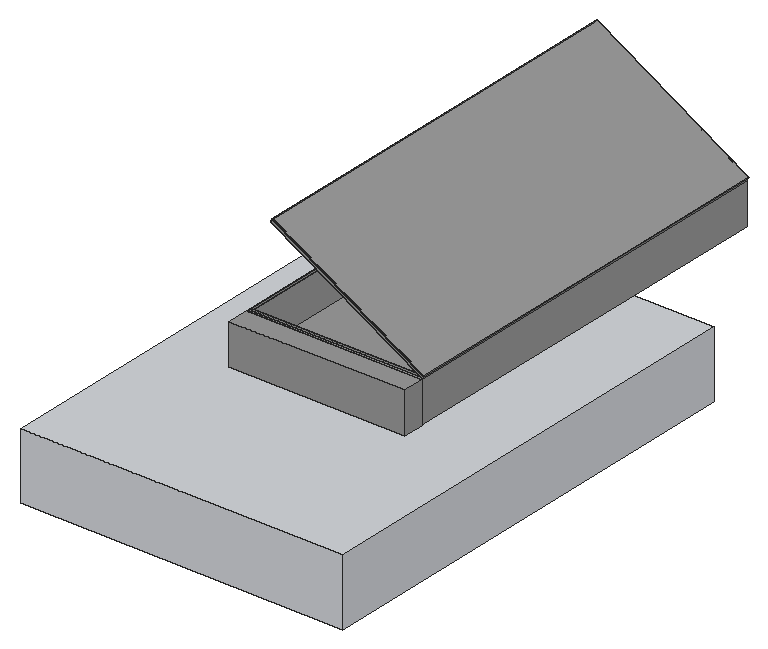
Revit family "Hager-Univers-IP44-D205-H1950-Cl.II-Encl-NL-en", category Equipement électrique, Revit 2020
Family settings
  Hôte = Face
  Configuration du panneau = Deux colonnes, circuits au sein
  Cote de connecteur circulaire = Utiliser le diamètre
  Type d'élément = Tableau de raccordement
  Couper avec des vides une fois chargée = Non
  Partagée = Non
  Point de calcul de pièce = Non
Parameters (values of type "Floor installation IP44 W800 H1950 D205  - FP23SN2")
  Width Control [instance] = if([EF000008 - Width] > Min Width, [EF000008 - Width], Min Width)  # 800 mm
  Commentaires du type = [HG000003 - Range]  # "Univers"
  Thickness Door [instance] = if([EF009171 - Material plate thickness door/cover] > 3 mm, 3 mm, [EF009171 - Material plate thickness door/cover])  # 1 mm
  Seal Frame Offset [instance] = 17 mm  # constant formula
  Plinth Visibility [instance] = [HG000027 - Plinth height] > 0 mm  # yes
  Model = ""
  Min Width [instance] = 100 mm  # constant formula
  Min Height [instance] = 100 mm  # constant formula
  Min Depth [instance] = (2 * [EF009170 - Material plate thickness cabinet]) + 1 mm  # 3 mm
  Internal Frame Depth [instance] = (Door System Depth * 0.5)  # 9 mm
  Height Control [instance] = if([EF000040 - Height] > Min Height, [EF000040 - Height], Min Height)  # 1950 mm
  HG000027 - Plinth height = 100 mm
  HG000026 - Floor standing = yes
  HG000024 - Bottom section height = 800 mm
  HG000023 - Double section enclosure = no
  HG000016 - Door 3d visibility [instance] = yes
  HG000015 - Clearance visibility [instance] = no
  HG000014 - Door on the right [instance] = yes
  HG000013 - Door on the left [instance] = not([HG000014 - Door on the right])  # no
  HG000012 - Door swing angle [instance] = 30.00°
  HG000010 - Asymmetric doors = no
  HG000009 - Double swing door = no
  HG000006 - Flush mounted = no
  HG000004 - Manufacturer reference = "FP23SN2"
  HG000003 - Range = "Univers"
  HG000002 - With door or cover = yes
  Frame Offset Bottom [instance] = 10 mm  # constant formula
  Frame Offset [instance] = 15 mm  # constant formula
  EF015940 - Cover with overpressure release = no
  EF011959 - Degree of protection (NEMA) = ""
  EF009554 - Number of openings for flange plates = 6
  EF009212 - Cover model = "EV000116 - Closed"
  EF009171 - Material plate thickness door/cover = 1 mm
  EF009170 - Material plate thickness cabinet = 1 mm
  Fabricant = "Hager"  # constant formula
  EF008873 - Nominal current (In) = 400 A
  EF007800 - Suitable for lightning protection = no
  EF006306 - With lock = no
  EF006244 - Transparent cover/door = no
  EF005474 - Degree of protection (IP) = "EV006418 - IP44"
  EF004464 - Type of door = "EV002646 - Single"
  EF004427 - Number of modules = 432
  EF004293 - Impact strength = "EV006815 - IK09"
  EF003532 - Suitable for outdoor use = no
  EF002950 - Width in number of modular spacings = 36
  EF001613 - Circuit integrity = "EV000494 - None"
  EF001596 - Material housing = "EV000179 - Steel"
  EF001131 - Internal depth = 143 mm
  EF001088 - Extension possible = yes
  EF000437 - Number of conduit inlets = 6
  EF000339 - Type of cover = "EV001012 - Cover"
  EF000266 - Number of rows = 12
  EF000218 - Built-in depth = 0 mm
  EF000118 - With mounting plate = no
  EF000116 - RAL-number = "9010"
  EF000049 - Depth = 205 mm
  EF000040 - Height = 1950 mm
  EF000008 - Width = 800 mm
  EF000007 - Colour = "EV000202 - White"
  EF000003 - Mounting method = "EV012274 - Floor installation"
  Door System Leaf Tolerance [instance] = 1.5 mm  # constant formula
  Door System Depth [instance] = 18 mm  # constant formula
  Door Height [instance] = Height Control - [HG000027 - Plinth height]  # 1850 mm
  Depth Control [instance] = if([EF000049 - Depth] > Min Depth, [EF000049 - Depth], Min Depth)  # 205 mm
  Default Elevation = 0 mm
  Connector Offset [instance] = Height Control / 2  # 975 mm
  Bottom Top Plate Trim [instance] = 1.5 mm  # constant formula
  Plinth height Ctrl [instance] = if([HG000027 - Plinth height] > 0 mm, [HG000027 - Plinth height], 12 mm)  # 100 mm
Types (5, lengths in mm): name | Width Control | HG000010 - Asymmetric doors | HG000009 - Double swing door | HG000004 - Manufacturer reference | EF009554 - Number of openings for flange plates | EF008873 - Nominal current (In) | EF004464 - Type of door | EF004427 - Number of modules | EF002950 - Width in number of modular spacings | EF000437 - Number of conduit inlets | EF000008 - Width
  Floor installation IP44 W1050 H1950 D205  - FP24SN2 | 1050 | no | yes | "FP24SN2" | 8 | 400 A | "EV003602 - Double" | 576 | 48 | 8 | 1050
  Floor installation IP44 W1300 H1950 D205  - FP25SN2 | 1300 | yes | yes | "FP25SN2" | 10 | 400 A | "EV003602 - Double" | 720 | 60 | 10 | 1300
  Floor installation IP44 W300 H1950 D205  - FP21SN2 | 300 | no | no | "FP21SN2" | 2 | 250 A | "EV002646 - Single" | 144 | 12 | 2 | 300
  Floor installation IP44 W550 H1950 D205  - FP22SN2 | 550 | no | no | "FP22SN2" | 4 | 400 A | "EV002646 - Single" | 288 | 24 | 4 | 550
  Floor installation IP44 W800 H1950 D205  - FP23SN2 | 800 | no | no | "FP23SN2" | 6 | 400 A | "EV002646 - Single" | 432 | 36 | 6 | 800
Reference planes
  plane 1 "Center (Front/Back)": y = 0
  plane 2: z = 0
  plane 3 "Center (Left/Right)": x = 0
  plane 4: z = 205
  plane 5: y = 101
  plane 6: y = 1025
  plane 7: y = 100
  plane 8: y = 1950
  plane 9: z = 0
  plane 10: x = -385
  plane 11: x = 385
  plane 12: x = 384
  plane 13: x = -384
  plane 14: y = 1949
  plane 15: x = -383
  plane 16: x = -400
  plane 17: x = 383
  plane 18: x = 400
  plane 19: x = 399
  plane 20: x = -399
  plane 21: y = 111
  plane 22: y = 1950
  plane 23: y = 1934
  plane 24: z = 187
  plane 25: z = 1
  plane 26: z = 186
  plane 27: z = 204
Forms (mm)
  Extrusion 1, solid
    sketch origin (0, 0, 0) x (1, 0, 0) y (0, 1, 0)
      loop
        line (-702.964, 1305) -> (-702.964, -811.445) -> (766.763, -811.445) -> (766.763, 1305) -> (-702.964, 1305)
    from 0 to -304.8
  Extrusion 2, solid, material "Hager_Steel_RAL7035_Light_Grey", visible <- "Plinth Visibility", detail levels medium+fine
    sketch origin (0, 0, 0) x (1, 0, 0) y (0, 1, 0)
      loop
        line (-400, 0) -> (400, 0) -> (400, 100) -> (-400, 100) -> (-400, 0)
    from 0 to 187
  Extrusion 3, solid, material "Hager_Steel_RAL7035_Light_Grey", detail levels medium+fine
    sketch origin (0, 0, 0) x (1, 0, 0) y (0, 1, 0)
      loop
        line (-400, 100) -> (400, 100) -> (400, 1950) -> (-400, 1950) -> (-400, 100)
    from 0 to 187
  Extrusion 4, void
    sketch origin (0, 0, 0) x (1, 0, 0) y (0, 1, 0)
      loop
        line (-399, 101) -> (399, 101) -> (399, 1949) -> (-399, 1949) -> (-399, 101)
    from 1 to 186
  Extrusion 5, void
    sketch origin (-381.607, -4572, 187) x (0, -1, 0) y (-1, 0, 0)
      loop
        line (-4683, 2.393) -> (-6506, 2.393) -> (-6506, -765.607) -> (-4683, -765.607) -> (-4683, 2.393)
    from 0 to 1 <- "EF009170 - Material plate thickness cabinet"
  Extrusion 6, solid, material "Hager_Steel_RAL7035_Light_Grey", detail levels fine
    sketch origin (0, 0, 187) x (1, 0, 0) y (0, 1, 0)
      loop
        line (-384, 1934) -> (-384, 111) -> (384, 111) -> (384, 1934) -> (-384, 1934)
      loop
        line (-385, 110) -> (385, 110) -> (385, 1935) -> (-385, 1935) -> (-385, 110)
    from 0 to 9 <- "Internal Frame Depth"
  Extrusion 7, solid, material "Hager_Steel_RAL7035_Light_Grey", detail levels coarse
    sketch origin (0, 0, 0) x (1, 0, 0) y (0, 1, 0)
      loop
        line (-400, 0) -> (400, 0) -> (400, 1950) -> (-400, 1950) -> (-400, 0)
    from 0 to 205
  Sweep 8, void
    path in 3D
      loop
        line (-400, 100, 0) -> (400, 100, 0) -> (400, 100, 187) -> (-400, 100, 187) -> (-400, 100, 0)
    profile origin (-400, 100, 93.5) x (-1, 0, 0) y (0, -1, 0)
      loop
        line (0, 0) -> (0, 1.5) -> (-1.5, 1.5)
        arc (-1.5, 1.5) -> (-1.061, 0.439) -> (0, 0) r 1.5
Cuts and joins
  Extrusion 4, Extrusion 5 cuts Extrusion 3
  Sweep 8 cuts Extrusion 2
Lines and regions (mm)
  Masking region 1
    outline origin (0, 0, 0) x (1, 0, 0) y (0, 0, 1)
      loop
        line (-400, 205) -> (-400, 0) -> (400, 0) -> (400, 205) -> (-400, 205)
  Masking region 2, detail levels medium+fine
    outline origin (0, 140, 0) x (0, 1, 0) y (0, 0, 1)
      loop
        line (-40, 0) -> (1810, 0) -> (1810, 187) -> (-40, 187) -> (-40, 0)
  Masking region 3, not visible, detail levels medium+fine
    outline origin (0, 297.922, 0) x (0, 1, 0) y (0, 0, 1)
      loop
        line (738.578, 0) -> (778.578, 0) -> (778.578, 194)
        arc (778.578, 194) -> (775.649, 201.071) -> (768.578, 204) r 10
        line (768.578, 204) -> (738.578, 204) -> (738.578, 0)
  Masking region 4, detail levels coarse
    outline origin (0, 0, 180) x (0, 1, 0) y (0, 0, 1)
      loop
        line (0, -180) -> (1950, -180) -> (1950, 25) -> (0, 25) -> (0, -180)
  Masking region 5, visible <- "Plinth Visibility", detail levels medium+fine
    outline origin (0, 52.24, 12.345) x (0, 0, -1) y (0, 1, 0)
      loop
        line (10.845, 47.76) -> (-173.155, 47.76)
        arc (-173.155, 47.76) -> (-173.594, 46.699) -> (-174.655, 46.26) r 1.5
        line (-174.655, 46.26) -> (-174.655, -52.24) -> (12.345, -52.24) -> (12.345, 46.26)
        arc (12.345, 46.26) -> (11.285, 46.699) -> (10.845, 47.76) r 1.5
  Masking region 6, detail levels medium+fine
    outline origin (-381.607, -4572, 187) x (-1, 0, 0) y (0, -1, 0)
      loop
        line (18.393, -6522) -> (18.393, -4672) -> (-781.607, -4672) -> (-781.607, -6522) -> (18.393, -6522)
  Masking region 7, visible <- "Plinth Visibility", detail levels medium+fine
    outline origin (-381.607, -4727, 187) x (-1, 0, 0) y (0, -1, 0)
      loop
        arc (16.893, -4827) -> (17.332, -4825.939) -> (18.393, -4825.5) r 1.5
        line (18.393, -4825.5) -> (18.393, -4727) -> (-781.607, -4727) -> (-781.607, -4825.5)
        arc (-781.607, -4825.5) -> (-780.546, -4825.939) -> (-780.107, -4827) r 1.5
        line (-780.107, -4827) -> (16.893, -4827)
  Masking region 8, detail levels coarse
    outline origin (-442.548, -4669.526, 187) x (-1, 0, 0) y (0, -1, 0)
      loop
        line (-42.548, -6619.526) -> (-42.548, -4669.526) -> (-842.548, -4669.526) -> (-842.548, -6619.526) -> (-42.548, -6619.526)
  sketch lines
    curve 1: line (-400, 100, 187) -> (-400, 100, 0)
    curve 2: line (400, 100, 187) -> (-400, 100, 187)
    curve 3: line (400, 100, 187) -> (400, 100, 0)
    curve 4: line (-400, 100, 0) -> (400, 100, 0)
Dimensions and locks
  "Depth Control": plane 4 to Extrusion 1
  "HG000027 - Plinth height": plane 1 "Center (Front/Back)" to plane 7
  "EF009170 - Material plate thickness cabinet": plane 5 to plane 7
  locked: connector elem to plane 3 "Center (Left/Right)"
  equal spacing: plane 8, plane 6, plane 7
  locked: connector elem to plane 6
  "EF009170 - Material plate thickness cabinet": plane 8 to plane 14
  "EF009170 - Material plate thickness cabinet": plane 10 to plane 13
  "EF009170 - Material plate thickness cabinet": plane 12 to plane 11
  "Frame Offset": plane 20 to plane 13
  "Frame Offset": plane 12 to plane 19
  "EF009170 - Material plate thickness cabinet": plane 16 to plane 20
  "EF009170 - Material plate thickness cabinet": plane 19 to plane 18
  "Seal Frame Offset": plane 16 to plane 15
  "Seal Frame Offset": plane 17 to plane 18
  "Frame Offset Bottom": plane 21 to plane 5
  "Frame Offset": plane 14 to plane 23
  equal spacing: plane 16, plane 3 "Center (Left/Right)", plane 18
  "Width Control": plane 16 to plane 18
  "EF009170 - Material plate thickness cabinet": plane 4 to plane 27
  "EF009170 - Material plate thickness cabinet": plane 24 to plane 26
  "EF009170 - Material plate thickness cabinet": plane 25 to level
  "Door System Depth": plane 4 to plane 24
  "Height Control": plane 1 "Center (Front/Back)" to Extrusion 7 sketch curve
  "Height Control": Masking region 4 sketch curve to plane 1 "Center (Front/Back)"
  "Height Control": plane 1 "Center (Front/Back)" to plane 22
  "Bottom Top Plate Trim": profile plane to Sweep 8 sketch curve
  "Bottom Top Plate Trim": Sweep 8 sketch curve to profile plane
  "Plinth height Ctrl": plane 1 "Center (Front/Back)" to Extrusion 2 sketch curve
  "Plinth height Ctrl": Masking region 5 sketch curve to plane 1 "Center (Front/Back)"
  "Plinth height Ctrl": plane 1 "Center (Front/Back)" to Masking region 7 sketch curve
  "Thickness Door": Extrusion 6 sketch curve to Extrusion 6 sketch curve  (x3)
  "Thickness Door": cut or joined group of Extrusion 3, Extrusion 4, Extrusion 5 to Extrusion 6 sketch curve
  radius of Masking region 3 sketch curve = 10 mm
  "Bottom Top Plate Trim": radius of Masking region 5 sketch curve  (x2)
  "Bottom Top Plate Trim": radius of Sweep 8 sketch curve
  "Bottom Top Plate Trim": radius of Masking region 7 sketch curve  (x2)
  aligned and locked: plane 2 to Extrusion 1
  aligned and locked: level to Extrusion 1
  aligned and locked: level to Masking region 1 sketch curve
  aligned and locked: Masking region 1 sketch curve to plane 18
  aligned and locked: Masking region 1 sketch curve to plane 16
  aligned and locked: plane 7 to Masking region 2 sketch curve
  aligned and locked: level to Masking region 3 sketch curve
  aligned and locked: Masking region 3 sketch curve to plane 27
  aligned and locked: level to Masking region 2 sketch curve
  aligned and locked: plane 1 "Center (Front/Back)" to Extrusion 2 sketch curve
  aligned and locked: Extrusion 3 sketch curve to plane 7
  aligned and locked: plane 16 to Extrusion 3 sketch curve
  aligned and locked: plane 18 to Extrusion 3 sketch curve
  aligned and locked: plane 20 to Extrusion 4 sketch curve
  aligned and locked: plane 19 to Extrusion 4 sketch curve
  aligned and locked: Extrusion 4 sketch curve to plane 5
  aligned and locked: Extrusion 4 to plane 25
  aligned and locked: plane 26 to Extrusion 4
  aligned and locked: plane 24 to Extrusion 3
  aligned and locked: Extrusion 5 sketch curve to plane 21
  aligned and locked: Extrusion 5 sketch curve to plane 13
  aligned and locked: Extrusion 5 sketch curve to plane 12
  aligned and locked: plane 18 to Extrusion 7 sketch curve
  aligned and locked: plane 1 "Center (Front/Back)" to Extrusion 7 sketch curve
  aligned and locked: plane 16 to Extrusion 7 sketch curve
  aligned and locked: plane 4 to Extrusion 7
  aligned and locked: Extrusion 7 to level
  aligned and locked: level to Masking region 4 sketch curve
  aligned and locked: Masking region 4 sketch curve to plane 1 "Center (Front/Back)"
  aligned and locked: Masking region 4 sketch curve to plane 4
  aligned and locked: nested 1 to level
  aligned and locked: nested 1 to plane 16
  aligned and locked: plane 8 to Extrusion 3 sketch curve
  aligned and locked: plane 23 to Extrusion 5 sketch curve
  aligned and locked: plane 14 to Extrusion 4 sketch curve
  aligned and locked: Masking region 2 sketch curve to plane 8
  aligned and locked: level to Masking region 5 sketch curve
  aligned and locked: plane 16 to Extrusion 2 sketch curve
  aligned and locked: plane 18 to Extrusion 2 sketch curve
  aligned and locked: Masking region 5 sketch curve to plane 24
  aligned and locked: Masking region 2 sketch curve to plane 24
  aligned and locked: plane 24 to Extrusion 2
  aligned and locked: profile plane to Sweep 8 sketch curve  (x2)
  aligned and locked: Masking region 6 sketch curve to plane 18
  aligned and locked: Masking region 6 sketch curve to plane 22
  aligned and locked: Masking region 6 sketch curve to plane 16
  aligned and locked: plane 8 to plane 22
  aligned and locked: Masking region 6 sketch curve to plane 7
  aligned and locked: Masking region 7 sketch curve to plane 16
  aligned and locked: Masking region 7 sketch curve to plane 1 "Center (Front/Back)"
  aligned and locked: Masking region 7 sketch curve to plane 18
  aligned and locked: Masking region 8 sketch curve to plane 1 "Center (Front/Back)"
  aligned and locked: Masking region 8 sketch curve to plane 18
  aligned and locked: Masking region 8 sketch curve to plane 22
  aligned and locked: Masking region 8 sketch curve to plane 16
  aligned and locked: nested 2 to plane 7
  aligned and locked: plane 3 "Center (Left/Right)" to nested 2
  aligned and locked: nested 2 to plane 24
  aligned and locked: Extrusion 6 sketch curve to cut or joined group of Extrusion 3, Extrusion 4, Extrusion 5  (x4)
Automatic sketch dimensions
  Extrusion 1 sketch curve to Extrusion 1 sketch curve = 1469.727 mm
  Extrusion 1 sketch curve to Extrusion 1 sketch curve = 2116.445 mm
  Masking region 1 sketch curve to plane 4 = 0 mm
  plane 6 to Masking region 3 sketch curve = 11.5 mm
  Masking region 3 sketch curve to Masking region 3 sketch curve = 30 mm
  Masking region 5 sketch curve to plane 1 "Center (Front/Back)" = 0 mm
Nested families
  nested 1: "Hager_Enclosure_Symbol" at (-400, 0, 0) x (1, 0, 0) z (0, -1, 0), Height <- "Depth Control", Width <- "Width Control", type "Hager_Enclosure_Symbol"
    with Width_Ctrl 800 mm, Width 800 mm, Height_Ctrl 205 mm, Height 205 mm, A_Width_Int 13.453 mm, A_Width 161.438 mm, A_Height_Ctrl 179.375 mm, A_Height 179.375 mm
  nested 2: "EC000058_Univers_Door" at (0, 100, 187) x (1, 0, 0) z (0, 1, 0), Leaf_Tolerance <- "Door System Leaf Tolerance", Angle <- "HG000012 - Door swing angle", Door_Depth <- "Door System Depth", Door_Left <- "HG000013 - Door on the left", Transparent <- "EF006244 - Transparent cover/door", Assymetrical <- "HG000010 - Asymmetric doors", Width <- "Width Control", Clearance <- "HG000015 - Clearance visibility", Double <- "HG000009 - Double swing door", 3d_Door <- "HG000016 - Door 3d visibility", Lock_Visibility <- "EF006306 - With lock", Width_Ctrl <- "Width Control", Door_Right <- "HG000014 - Door on the right", Door <- "HG000002 - With door or cover", Height <- "Door Height", Thickness <- "Thickness Door", type "EC000058_Univers_Door", detail levels medium+fine
    with min_wh 3 mm, Width_Ctrl 800 mm, Width 800 mm, Transparent no, Thickness 1 mm, Seal_Material Hager_Rubber, Lock_Visibility no, Lock_Material Hager_Plastic_RAL9005_Jet_Black, Leaf_Width 800 mm, Leaf_Tolerance_External_Sides 0 mm, Leaf_Tolerance 1.5 mm, Leaf_Offset 0 mm, Leaf_Height 1847 mm, Leaf_2_Width 800 mm, Leaf_2_Offset 400 mm, Leaf_1_Width 800 mm, Leaf_1_Offset 400 mm, Height_Ctrl 1850 mm, Height 1850 mm, Glass_Material Hager_Glass, Double_Clearance_Ctrl no, Double no, Door_Right_Ctrl yes, Door_Right yes, Door_Material Hager_Steel_RAL7035_Light_Grey, Door_Left_Ctrl no, Door_Left no, Door_Depth 18 mm, Door yes, Clearance_Material Hager_Clearance, Clearance_Depth 800 mm, Clearance_Ctrl no, Clearance no, Assymetrical no, Angle 30.00°, 3d_Door yes
Connectors
  electrical at (0, 1025, 0)
    settings: on plane 9, index 1, voltage 0 V, apparent load 0 VA, apparent load phase1 0 VA, apparent load phase2 0 VA, apparent load phase3 0 VA, power factor 1, load classification "Other", number of poles 1, system type 30, power factor state 1, is connector primary yes, connector utility no, sub classification motor no, connector description ""
Definition of nested family "EC000058_Univers_Door"
  Parameters (values of type "EC000058_Univers_Door")
    min_wh [instance] = (2 * Thickness) + 1 mm  # 11 mm
    Width_Ctrl [instance] = 400 mm
    Width [instance] = 500 mm
    Transparent [instance] = yes
    Thickness [instance] = 5 mm
    Seal_Material [instance] = none
    Lock_Visibility [instance] = yes
    Lock_Material [instance] = none
    Leaf_Width [instance] = if((Width_Ctrl - 2 * Leaf_Tolerance_External_Sides) > 0 mm, (Width_Ctrl - 2 * Leaf_Tolerance_External_Sides), min_wh)  # 400 mm
    Leaf_Tolerance_External_Sides [instance] = 0 mm  # constant formula
    Leaf_Tolerance [instance] = 1.5 mm
    Leaf_Offset [instance] = 0 mm  # constant formula
    Leaf_Height [instance] = if((Height_Ctrl - 2 * Leaf_Tolerance) > 0 mm, (Height_Ctrl - 2 * Leaf_Tolerance), min_wh)  # 497 mm
    Leaf_2_Width [instance] = if(and(and(Double, Assymetrical), Door_Left), (Leaf_Width / 3) - (Leaf_Tolerance / 2), if(and(and(Double, Assymetrical), Door_Right), (Leaf_Width / 3) * 2 - (Leaf_Tolerance / 2), if(and(Double, not(Assymetrical)), (Leaf_Width / 2) - Leaf_Tolerance, Leaf_Width)))  # 400 mm
    Leaf_2_Offset [instance] = if(and(Double, Assymetrical), Leaf_2_Width / 2, if(and(Double, not(Assymetrical)), Leaf_Width / 4, Leaf_Width / 2))  # 200 mm
    Leaf_1_Width [instance] = if(and(and(Double, Assymetrical), Door_Right), (Leaf_Width / 3) - (Leaf_Tolerance / 2), if(and(and(Double, Assymetrical), Door_Left), (Width / 3) * 2 - (Leaf_Tolerance / 2), if(and(Double, not(Assymetrical)), (Leaf_Width / 2) - Leaf_Tolerance, Leaf_Width)))  # 400 mm
    Leaf_1_Offset [instance] = if(and(Double, Assymetrical), Leaf_1_Width / 2, if(and(Double, not(Assymetrical)), Leaf_Width / 4, Leaf_Width / 2))  # 200 mm
    Height_Ctrl [instance] = if(Height > min_wh, Height, min_wh)  # 500 mm
    Height [instance] = 500 mm
    Glass_Material [instance] = none
    Double_Clearance_Ctrl [instance] = and(Double, Clearance)  # no
    Double [instance] = no
    Door_Right_Ctrl [instance] = and(or(Door_Right, Double), Door)  # yes
    Door_Right [instance] = yes
    Door_Material [instance] = none
    Door_Left_Ctrl [instance] = and(or(Door_Left, Double), Door)  # no
    Door_Left [instance] = no
    Door_Depth [instance] = 30 mm
    Door [instance] = yes
    Default Elevation = 1219.2 mm
    Clearance_Material [instance] = none
    Clearance_Depth [instance] = if(Leaf_1_Width > Leaf_2_Width, Leaf_1_Width, Leaf_2_Width)  # 400 mm
    Clearance_Ctrl [instance] = and(not(Double), Clearance)  # yes
    Clearance [instance] = yes
    Assymetrical [instance] = yes
    Angle [instance] = 30.00°
    3d_Door [instance] = yes
  Reference planes
    plane 1 "Center (Front/Back)": y = 0
    plane 2 "Bottom": z = 0
    plane 3 "Center (Left/Right)": x = 0
    plane 4: z = 500
    plane 5: x = -200
    plane 6: x = 200
    plane 7: z = 500
    plane 8: x = -200
    plane 9: z = 0
    plane 10: x = 200
    plane 11: y = 0
    plane 12: z = 1.5
    plane 13: x = -600
    plane 14: y = -400
    plane 15: x = 600
    plane 16: x = 0
    plane 17: x = 0
    plane 18: x = -200
    plane 19: x = 200
    plane 20: z = 498.5
  Forms (mm)
    Extrusion 1, solid, material <- "Clearance_Material", visible <- "Double_Clearance_Ctrl"
      sketch origin (1200, 0, 0) x (1, 0, 0) y (0, 0, -1)
        loop
          line (-1800, -498.5) -> (-600, -498.5) -> (-600, 0) -> (-1800, 0) -> (-1800, -498.5)
      from 0 to -400
  Dimensions and locks
    equal spacing: plane 5, plane 3 "Center (Left/Right)", plane 6
    "Width_Ctrl": plane 5 to plane 6
    "Leaf_Offset": plane 5 to plane 8
    "Leaf_Offset": plane 6 to plane 10
    "Leaf_Offset": plane 9 to level
    "Leaf_Offset": plane 4 to plane 7
    "Height_Ctrl": plane 4 to level
    "Leaf_Tolerance": plane 12 to plane 9
    locked: plane 11 to plane 1 "Center (Front/Back)"
    "Leaf_1_Offset": plane 18 to plane 16
    "Leaf_2_Offset": plane 17 to plane 19
    "Leaf_1_Width": plane 13 to plane 8
    "Leaf_2_Width": plane 10 to plane 15
    "Clearance_Depth": plane 14 to plane 1 "Center (Front/Back)"
    "Leaf_Tolerance_External_Sides": plane 8 to plane 18
    "Leaf_Tolerance_External_Sides": plane 19 to plane 10
    "Leaf_Tolerance": plane 7 to plane 20
    aligned and locked: level to plane 2 "Bottom"
    aligned and locked: nested 1 to plane 16
    aligned and locked: nested 2 to plane 17
    aligned and locked: Extrusion 1 to plane 13
    aligned and locked: plane 15 to Extrusion 1
    aligned and locked: Extrusion 1 to plane 14
    aligned and locked: plane 12 to nested 1
    aligned and locked: nested 2 to plane 12
    aligned and locked: Extrusion 1 to plane 11
    aligned and locked: plane 20 to Extrusion 1
    aligned and locked: nested 2 to plane 11
    aligned and locked: nested 1 to plane 11
  Automatic sketch dimensions
    Extrusion 1 sketch curve to level = 0 mm
    plane 5 to Extrusion 1 sketch curve = 400 mm
    plane 6 to Extrusion 1 sketch curve = 400 mm
    Extrusion 1 sketch curve to plane 4 = 1.5 mm
  Nested families
    nested 1: "EC000058_Univers_Door_Leaf" at (0, 0, 1.5), Width <- "Leaf_1_Width", visible <- "Door_Left_Ctrl", Leaf_Height <- "Leaf_Height", Angle <- "Angle", 3d_Door <- "3d_Door", Transparent <- "Transparent", Clearance Material <- "Clearance_Material", Clearance <- "Clearance_Ctrl", Door_Material <- "Door_Material", Glass_Material <- "Glass_Material", Door_Depth <- "Door_Depth", Lock_Material <- "Lock_Material", Seal_Material <- "Seal_Material", Lock_Visibility <- "Lock_Visibility", Thickness <- "Thickness", type "EC000058_Univers_Door_Leaf"
      with Width 400 mm, Transparent_Glass_Offset 30 mm, Transparent_Ctrl yes, Transparent yes, Thickness 5 mm, Standard no, Seal_Material none, Seal_D2 8 mm, Seal_D1 1 mm, Offset_Internal_Frame 10 mm, Lock_Width 20 mm, Lock_Visibility_3d yes, Lock_Visibility yes, Lock_Thickness_3 3 mm, Lock_Thickness_2 1 mm, Lock_Thickness_1 3 mm, Lock_Radius_Offset_2 16 mm, Lock_Radius_Offset_1 15 mm, Lock_Radius_2 5 mm, Lock_Radius 6 mm, Lock_Offset 5 mm, Lock_Material none, Lock_Height 80 mm, Lock_Cover_Top_Offset_2d 17 mm, Lock_Cover_Height -65 mm, Leaf_Height 497 mm, Internal_Seal_Thickness 8 mm, Internal_Seal_Depth_2 4.5 mm, Internal_Frame_Depth 25 mm, Glass_Thickness -1 mm, Glass_Offset -2 mm, Glass_Material none, Door_Material none, Door_Depth 30 mm, Clearance Material none, Clearance yes, Angle_Ctrl 30.00°, Angle 30.00°, 3d_Door yes
    nested 2: "EC000058_Univers_Door_Leaf" at (0, 0, 1.5) x (-1, 0, 0) z (0, 0, 1), Width <- "Leaf_2_Width", visible <- "Door_Right_Ctrl", Leaf_Height <- "Leaf_Height", Angle <- "Angle", 3d_Door <- "3d_Door", Transparent <- "Transparent", Clearance Material <- "Clearance_Material", Clearance <- "Clearance_Ctrl", Door_Material <- "Door_Material", Glass_Material <- "Glass_Material", Door_Depth <- "Door_Depth", Lock_Material <- "Lock_Material", Seal_Material <- "Seal_Material", Lock_Visibility <- "Lock_Visibility", Thickness <- "Thickness", type "EC000058_Univers_Door_Leaf"
      with Width 400 mm, Transparent_Glass_Offset 30 mm, Transparent_Ctrl yes, Transparent yes, Thickness 5 mm, Standard no, Seal_Material none, Seal_D2 8 mm, Seal_D1 1 mm, Offset_Internal_Frame 10 mm, Lock_Width 20 mm, Lock_Visibility_3d yes, Lock_Visibility yes, Lock_Thickness_3 3 mm, Lock_Thickness_2 1 mm, Lock_Thickness_1 3 mm, Lock_Radius_Offset_2 16 mm, Lock_Radius_Offset_1 15 mm, Lock_Radius_2 5 mm, Lock_Radius 6 mm, Lock_Offset 5 mm, Lock_Material none, Lock_Height 80 mm, Lock_Cover_Top_Offset_2d 17 mm, Lock_Cover_Height -65 mm, Leaf_Height 497 mm, Internal_Seal_Thickness 8 mm, Internal_Seal_Depth_2 4.5 mm, Internal_Frame_Depth 25 mm, Glass_Thickness -1 mm, Glass_Offset -2 mm, Glass_Material none, Door_Material none, Door_Depth 30 mm, Clearance Material none, Clearance yes, Angle_Ctrl 30.00°, Angle 30.00°, 3d_Door yes
  Definition of nested family "EC000058_Univers_Door_Leaf"
    Parameters (values of type "EC000058_Univers_Door_Leaf")
      Width [instance] = 2000 mm
      Transparent_Glass_Offset [instance] = 30 mm
      Transparent_Ctrl [instance] = and(Transparent, [3d_Door])  # yes
      Transparent [instance] = yes
      Thickness [instance] = 5 mm
      Standard [instance] = and(not(Transparent), [3d_Door])  # no
      Seal_Material [instance] = none
      Seal_D2 [instance] = 8 mm  # constant formula
      Seal_D1 [instance] = 1 mm  # constant formula
      Offset_Internal_Frame [instance] = 10 mm  # constant formula
      Lock_Width [instance] = 20 mm  # constant formula
      Lock_Visibility_3d [instance] = and(Lock_Visibility, [3d_Door])  # yes
      Lock_Visibility [instance] = yes
      Lock_Thickness_3 [instance] = 3 mm  # constant formula
      Lock_Thickness_2 [instance] = 1 mm  # constant formula
      Lock_Thickness_1 [instance] = 3 mm  # constant formula
      Lock_Radius_Offset_2 [instance] = Lock_Radius_Offset_1 + 1 mm  # 16 mm
      Lock_Radius_Offset_1 [instance] = 15 mm  # constant formula
      Lock_Radius_2 [instance] = Lock_Radius - 1 mm  # 5 mm
      Lock_Radius [instance] = 6 mm  # constant formula
      Lock_Offset [instance] = 5 mm  # constant formula
      Lock_Material [instance] = none
      Lock_Height [instance] = 80 mm  # constant formula
      Lock_Cover_Top_Offset_2d [instance] = Lock_Radius_Offset_2 + 1 mm  # 17 mm
      Lock_Cover_Height [instance] = -(Lock_Height - Lock_Radius_Offset_1)  # -65 mm
      Leaf_Height [instance] = 2720.336 mm
      Internal_Seal_Thickness [instance] = 8 mm  # constant formula
      Internal_Seal_Depth_2 [instance] = 4.5 mm  # constant formula
      Internal_Frame_Depth [instance] = if(Door_Depth - Thickness > 5 mm, Door_Depth - Thickness, 5 mm)  # 25 mm
      Glass_Thickness [instance] = if(Thickness > 15 mm, Glass_Offset + 10 mm, -1 mm)  # -1 mm
      Glass_Offset [instance] = if(Thickness > 15 mm, -(Thickness + 10 mm) / 2, -2 mm)  # -2 mm
      Glass_Material [instance] = none
      Door_Material [instance] = none
      Door_Depth [instance] = 30 mm
      Default Elevation = 0 mm
      Clearance Material [instance] = none
      Clearance [instance] = yes
      Angle_Ctrl [instance] = if(Angle > 180.00°, 180.00°, Angle)  # 90.00°
      Angle [instance] = 90.00°
      3d_Door [instance] = yes
    Reference planes
      plane 1 "Center (Front/Back)": y = 0
      plane 2: z = 0
      plane 3 "Center (Left/Right)": x = 0
      plane 4: y = 2000
      plane 5: x = -1000
      plane 6: x = 1000
      plane 7: x = -3000
      plane 8: z = 2720.336
      plane 9: z = 30
      plane 10: z = 2690.336
      plane 11: x = 970
      plane 12: x = -970
      plane 13: y = -3
      plane 14: z = 107.833
      plane 15: y = -5
      plane 16: y = -223.314
      plane 17: x = -1000
      plane 18: z = 1360.168
      plane 19: y = 30
    Forms (mm)
      Extrusion 1, solid, material <- "Clearance Material", visible <- "Clearance"
        sketch origin (0, 0, 0) x (1, 0, 0) y (0, 0, 1)
          loop
            line (-3000, 2720.336) -> (-3000, 0) -> (1000, 0) -> (1000, 2720.336) -> (-3000, 2720.336)
        from 0 to -2000
      Extrusion 2, solid, material <- "Door_Material", visible <- "Standard", detail levels medium+fine
        sketch origin (-1000, 0, 0) x (0, 1, 0) y (-1, 0, 0)
          loop
            line (0, 30) -> (0, 25) -> (2000, 25) -> (2000, 30) -> (0, 30)
        from 0 to 2720.336 <- "Leaf_Height"
      Extrusion 3, solid, material <- "Door_Material", visible <- "Transparent_Ctrl", detail levels medium+fine
        sketch origin (-1000, 0, 0) x (0, 1, 0) y (-1, 0, 0)
          loop
            line (0, 25) -> (2000, 25) -> (2000, 30) -> (0, 30) -> (0, 25)
        from 0 to 2720.336 <- "Leaf_Height"
      Extrusion 4, void
        sketch origin (-1025, 2000, 0) x (0, 1, 0) y (0, 0, -1)
          loop
            line (-30, -2690.336) -> (-30, -30) -> (-1970, -30) -> (-1970, -2690.336) -> (-30, -2690.336)
        from 0 to 5 <- "Thickness"
      Sweep 5, solid, material <- "Seal_Material", visible <- "Transparent_Ctrl", detail levels fine
        path in 3D
          loop
            line (-1025, 30, 30) -> (-1025, 30, 2690.336) -> (-1025, 1970, 2690.336) -> (-1025, 1970, 30) -> (-1025, 30, 30)
        profile origin (-1025, 1000, 30) x (1, 0, 0) y (0, 0, 1)
          loop
            line (0, 0) -> (0, -8) -> (1, -8) -> (1, 0) -> (0, 0)
      Extrusion 6, solid, material <- "Glass_Material", visible <- "Transparent_Ctrl", detail levels medium+fine
        sketch origin (-1030, 0, 0) x (0, 1, 0) y (0, 0, -1)
          loop
            line (1970, -2690.336) -> (1970, -30) -> (30, -30) -> (30, -2690.336) -> (1970, -2690.336)
        from -2 <- "Glass_Offset" to -1 <- "Glass_Thickness"
      Extrusion 7, solid, material <- "Door_Material", visible <- "3d_Door", detail levels medium+fine
        sketch origin (-1025, 2000, 0) x (0, -1, 0) y (0, 0, -1)
          loop
            line (0, -2720.336) -> (2000, -2720.336) -> (2000, 0) -> (0, 0) -> (0, -2720.336)
          loop
            line (1995, -5) -> (5, -5) -> (5, -2715.336) -> (1995, -2715.336) -> (1995, -5)
        from 0 to 25 <- "Internal_Frame_Depth"
      Sweep 8, solid, material <- "Seal_Material", visible <- "Transparent_Ctrl", detail levels fine
        path in 3D
          loop
            line (-1025, 0, 0) -> (-1025, 2000, 0) -> (-1025, 2000, 2720.336) -> (-1025, 0, 2720.336) -> (-1025, 0, 0)
        profile origin (-1025, 0, 1360.168) x (1, 0, 0) y (0, 1, 0)
          loop
            line (0, 10) -> (2.975, 10)
            arc (2.975, 10) -> (4.053, 10.447) -> (4.5, 11.525) r 1.525
            line (4.5, 11.525) -> (4.5, 16.527)
            arc (4.5, 16.527) -> (4.069, 17.569) -> (3.027, 18) r 1.473
            line (3.027, 18) -> (0, 18) -> (0, 10)
      Extrusion 9, solid, material <- "Lock_Material", visible <- "Lock_Visibility_3d", detail levels fine
        sketch origin (-1030, 0, 0) x (0, 1, 0) y (0, 0, -1)
          loop
            arc (1993.5, -1400.168) -> (1994.561, -1399.729) -> (1995, -1398.668) r 1.5
            line (1995, -1398.668) -> (1995, -1320.168) -> (1975, -1320.168) -> (1975, -1398.668)
            arc (1975, -1398.668) -> (1975.439, -1399.729) -> (1976.5, -1400.168) r 1.5
            line (1976.5, -1400.168) -> (1993.5, -1400.168)
        from 3 <- "Lock_Thickness_1" to 0
      Blend 10, solid, material <- "Lock_Material", visible <- "Lock_Visibility_3d", detail levels fine
        base sketch origin (-1033, 0, 0) x (0, 1, 0) y (0, 0, -1)
          loop
            line (1975, -1320.168) -> (1975, -1398.668)
            arc (1975, -1398.668) -> (1975.439, -1399.729) -> (1976.5, -1400.168) r 1.5
            line (1976.5, -1400.168) -> (1993.5, -1400.168)
            arc (1993.5, -1400.168) -> (1994.561, -1399.729) -> (1995, -1398.668) r 1.5
            line (1995, -1398.668) -> (1995, -1320.168) -> (1975, -1320.168)
        top sketch origin (-1033, 0, 0) x (0, 1, 0) y (0, 0, -1)
          loop
            line (1976, -1320.168) -> (1976, -1398.668)
            arc (1976, -1398.668) -> (1976.146, -1399.022) -> (1976.5, -1399.168) r 0.5
            line (1976.5, -1399.168) -> (1993.5, -1399.168)
            arc (1993.5, -1399.168) -> (1993.854, -1399.022) -> (1994, -1398.668) r 0.5
            line (1994, -1398.668) -> (1994, -1320.168) -> (1976, -1320.168)
        from 0 to 1 <- "Lock_Thickness_2"
      Blend 11, solid, material <- "Lock_Material", visible <- "Lock_Visibility_3d", detail levels fine
        base sketch origin (-1034, 0, 0) x (0, 1, 0) y (0, 0, -1)
          loop
            line (1978, -1320.168) -> (1978, -1384.168)
            arc (1978, -1384.168) -> (1985, -1391.168) -> (1992, -1384.168) r 7
            line (1992, -1384.168) -> (1992, -1320.168) -> (1978, -1320.168)
        top sketch origin (-1034, 0, 0) x (0, 1, 0) y (0, 0, -1)
          loop
            line (1991, -1320.168) -> (1979, -1320.168) -> (1979, -1383.168)
            arc (1979, -1383.168) -> (1985, -1389.168) -> (1991, -1383.168) r 6
            line (1991, -1383.168) -> (1991, -1320.168)
        from 0 to 3 <- "Lock_Thickness_3"
      Extrusion 12, solid, material <- "Lock_Material", visible <- "Lock_Visibility_3d", detail levels fine
        sketch origin (-1030, 1975, 1320.168) x (1, 0, 0) y (0, -1, 0)
          loop
            line (-7, -19) -> (-7, -1) -> (0, -1) -> (0, 0) -> (-8, 0) -> (-8, -20) -> (0, -20) -> (0, -19) -> (-7, -19)
        from 0 to -65 <- "Lock_Cover_Height"
      Extrusion 13, void
        sketch origin (-1038, 1995, 1320.168) x (-1, 0, 0) y (0, 0, -1)
          loop
            line (-5, -65) -> (0, -65) -> (-5, -60) -> (-5, -65)
        from 0 to 20 <- "Lock_Width"
      Extrusion 14, void
        sketch origin (-1038, 1975, 1320.168) x (0, -1, 0) y (0, 0, -1)
          loop
            circle (-10, -15.995) r 6
          loop
            circle (-10, -15.995) r 5
        from 0 to 2
      Extrusion 15, solid, material <- "Lock_Material", visible <- "Lock_Visibility_3d", detail levels medium
        sketch origin (-1030, 0, 0) x (0, 1, 0) y (0, 0, -1)
          loop
            arc (1993.5, -1400.168) -> (1994.561, -1399.729) -> (1995, -1398.668) r 1.5
            line (1995, -1398.668) -> (1995, -1320.168) -> (1975, -1320.168) -> (1975, -1398.668)
            arc (1975, -1398.668) -> (1975.439, -1399.729) -> (1976.5, -1400.168) r 1.5
            line (1976.5, -1400.168) -> (1993.5, -1400.168)
        from 8 to 0
    Cuts and joins
      Extrusion 4 cuts Extrusion 3
      Extrusion 13, Extrusion 14 cuts Extrusion 9
      Extrusion 14 cuts Blend 11
      Extrusion 13, Extrusion 14 cuts Extrusion 12
      joined: Extrusion 9, Blend 10, Blend 11, Extrusion 12
      Extrusion 14 cuts Extrusion 15
    Lines and regions (mm)
      Masking region 1, visible <- "Lock_Visibility", detail levels fine
        outline origin (0, 0, 0) x (0, 1, 0) y (0, 0, 1)
          loop
            line (30, 1320.168) -> (33, 1320.168) -> (33, 1400.168) -> (30, 1400.168) -> (30, 1320.168)
      Masking region 2, visible <- "Lock_Visibility", detail levels fine
        outline origin (0, 3.143, 0) x (0, 1, 0) y (0, 0, 1)
          loop
            line (29.857, 1354.168) -> (30.857, 1354.168) -> (30.857, 1366.168) -> (29.857, 1366.168) -> (29.857, 1354.168)
      Masking region 3, detail levels medium+fine
        outline origin (0, 0, 0) x (0, 1, 0) y (0, 0, 1)
          loop
            line (0, 0) -> (30, 0) -> (30, 2720.336) -> (0, 2720.336) -> (0, 0)
      Masking region 4, detail levels medium+fine
        outline origin (0, 0, 0) x (1, 0, 0) y (0, 0, 1)
          loop
            line (-1000, 2720.336) -> (-1000, 0) -> (1000, 0) -> (1000, 2720.336) -> (-1000, 2720.336)
      Masking region 5, visible <- "Lock_Visibility", detail levels fine
        outline origin (-47.116, 0, 0) x (1, 0, 0) y (0, 0, 1)
          loop
            arc (1024.616, 1399.168) -> (1023.556, 1398.729) -> (1023.116, 1397.668) r 1.5
            line (1023.116, 1397.668) -> (1023.116, 1320.168) -> (1041.116, 1320.168) -> (1041.116, 1397.668)
            arc (1041.116, 1397.668) -> (1040.677, 1398.729) -> (1039.616, 1399.168) r 1.5
            line (1039.616, 1399.168) -> (1024.616, 1399.168)
      Masking region 6, visible <- "Lock_Visibility", detail levels medium+fine
        outline origin (-25, 0, 0) x (1, 0, 0) y (0, 0, 1)
          loop
            arc (1001.5, 1400.168) -> (1000.439, 1399.729) -> (1000, 1398.668) r 1.5
            line (1000, 1398.668) -> (1000, 1320.168) -> (1020, 1320.168) -> (1020, 1398.668)
            arc (1020, 1398.668) -> (1019.561, 1399.729) -> (1018.5, 1400.168) r 1.5
            line (1018.5, 1400.168) -> (1001.5, 1400.168)
      Masking region 7, visible <- "Lock_Visibility", detail levels fine
        outline origin (-73.735, 0, 0) x (1, 0, 0) y (0, 0, 1)
          loop
            line (1051.735, 1382.168) -> (1065.735, 1382.168) -> (1065.735, 1384.168)
            arc (1065.735, 1384.168) -> (1058.735, 1391.168) -> (1051.735, 1384.168) r 7
            line (1051.735, 1384.168) -> (1051.735, 1382.168)
      Masking region 8, visible <- "Lock_Visibility", detail levels fine
        outline origin (-73.735, 0, 0) x (1, 0, 0) y (0, 0, 1)
          loop
            line (1052.735, 1382.168) -> (1064.735, 1382.168) -> (1064.735, 1383.168)
            arc (1064.735, 1383.168) -> (1058.735, 1389.168) -> (1052.735, 1383.168) r 6
            line (1052.735, 1383.168) -> (1052.735, 1382.168)
      Masking region 9, visible <- "Lock_Visibility", detail levels fine
        outline origin (-25, 0, 0) x (1, 0, 0) y (0, 0, 1)
          loop
            line (1020, 1320.168) -> (1020, 1382.168) -> (1000, 1382.168) -> (1000, 1320.168) -> (1020, 1320.168)
      Masking region 10, detail levels medium+fine
        outline origin (0, 0, 0) x (1, 0, 0) y (0, 0, 1)
          loop
            circle (985, 1335.144) r 6
      Masking region 11, detail levels fine
        outline origin (0, 0, 0) x (1, 0, 0) y (0, 0, 1)
          loop
            circle (985, 1335.144) r 5
      Masking region 12, visible <- "Lock_Visibility", detail levels fine
        outline origin (0, 12.767, 0) x (0, 1, 0) y (0, 0, 1)
          loop
            line (20.233, 1320.168) -> (21.233, 1320.168) -> (21.233, 1399.168) -> (20.233, 1400.168) -> (20.233, 1320.168)
      Masking region 13, visible <- "Lock_Visibility", detail levels fine
        outline origin (0, 13.767, -10) x (0, 1, 0) y (0, 0, 1)
          loop
            line (20.233, 1330.168) -> (23.233, 1330.168) -> (23.233, 1399.168) -> (20.233, 1402.168) -> (20.233, 1330.168)
      Masking region 14, visible <- "Lock_Visibility", detail levels fine
        outline origin (0, 12.767, -10) x (0, 1, 0) y (0, 0, 1)
          loop
            line (20.233, 1330.168) -> (25.233, 1330.168) -> (25.233, 1399.305) -> (20.233, 1394.305) -> (20.233, 1330.168)
      Masking region 15, visible <- "Lock_Visibility", detail levels medium
        outline origin (0, 0, 0) x (0, 1, 0) y (0, 0, 1)
          loop
            line (30, 1320.168) -> (38, 1320.168) -> (38, 1400.168) -> (30, 1400.168) -> (30, 1320.168)
      Masking region 16, visible <- "Lock_Visibility", detail levels fine
        outline origin (-1000, 0, 0) x (0, 1, 0) y (-1, 0, 0)
          loop
            line (1975, 30) -> (1995, 30) -> (1995, 38) -> (1975, 38) -> (1975, 30)
          loop
            line (1979, 37) -> (1976, 37) -> (1976, 34) -> (1978, 34) -> (1979, 37)
          loop
            line (1994, 37) -> (1991, 37) -> (1992, 34) -> (1994, 34) -> (1994, 37)
      Masking region 17, visible <- "Lock_Visibility", detail levels medium
        outline origin (-1000, 0, 0) x (0, 1, 0) y (-1, 0, 0)
          loop
            line (1975, 30) -> (1995, 30) -> (1995, 38) -> (1975, 38) -> (1975, 30)
      symbolic lines
        curve 1: line (1000, 0, 0) -> (-3000, 0, 0)
        curve 2: arc (1000, 0, 0) -> (-1000, 2000, 0) -> (-3000, 0, 0) r 2000
        curve 4: line (-1030, 0, 0) -> (-1030, 2000, 0)
      reference lines
        curve 3: line (-1000, 0, 0) -> (-1000, 2000, 0)
      symbolic lines, detail levels medium+fine
        curve 5: line (-1030, 2000, 0) -> (-1025, 2000, 0)
        curve 7: line (-1025, 0, 0) -> (-1030, 0, 0)
        curve 8: line (-1025, 0, 0) -> (-1000, 0, 0)
        curve 9: line (-1000, 0, 0) -> (-1000, 2000, 0)
        curve 10: line (-1000, 2000, 0) -> (-1025, 2000, 0)
      symbolic lines, detail levels fine
        curve 6: line (-1025, 2000, 0) -> (-1025, 0, 0)
      sketch lines
        curve 11: line (-1025, 0, 2720.336) -> (-1025, 0, 0)
        curve 12: line (-1025, 2000, 0) -> (-1025, 0, 0)
        curve 13: line (-1025, 2000, 2720.336) -> (-1025, 2000, 0)
        curve 14: line (-1025, 0, 2720.336) -> (-1025, 2000, 2720.336)
        curve 15: line (-1025, 1970, 30) -> (-1025, 30, 30)
        curve 16: line (-1025, 30, 30) -> (-1025, 30, 2690.336)
        curve 17: line (-1025, 1970, 2690.336) -> (-1025, 1970, 30)
        curve 18: line (-1025, 30, 2690.336) -> (-1025, 1970, 2690.336)
      symbolic lines, visible <- "Transparent", detail levels medium+fine
        curve 19: line (-970, 0, 2690.336) -> (970, 0, 2690.336)
        curve 20: line (-970, 0, 30) -> (-970, 0, 2690.336)
        curve 21: line (970, 0, 30) -> (-970, 0, 30)
        curve 22: line (970, 0, 2690.336) -> (970, 0, 30)
    Dimensions and locks
      "Width": plane 1 "Center (Front/Back)" to plane 4
      equal spacing: plane 5, plane 3 "Center (Left/Right)", plane 6
      "Width": plane 5 to plane 6
      "Width": plane 7 to plane 5
      "Leaf_Height": plane 8 to level
      "Width": curve 5 to curve 3
      "Width": curve 3 to curve 3
      plane 8 to plane 10 = 30 mm
      plane 9 to level = 30 mm
      plane 12 to plane 5 = 30 mm
      plane 6 to plane 11 = 30 mm
      Extrusion 1 to Extrusion 4 sketch curve = 30 mm
      "Transparent_Glass_Offset": curve 3 to Extrusion 4 sketch curve
      "Transparent_Glass_Offset": Extrusion 4 sketch curve to cut or joined group of Extrusion 3, Extrusion 4  (x2)
      cut or joined group of Extrusion 3, Extrusion 4 to Extrusion 6 sketch curve = 30 mm
      "Transparent_Glass_Offset": cut or joined group of Extrusion 3, Extrusion 4 to Extrusion 4 sketch curve
      "Thickness": curve 6 to curve 4
      "Thickness": Extrusion 7 sketch curve to Extrusion 7 sketch curve  (x4)
      "Door_Depth": curve 4 to curve 3
      "Offset_Internal_Frame": profile plane to Sweep 8 sketch curve
      "Internal_Seal_Thickness": Sweep 8 sketch curve to Sweep 8 sketch curve
      "Internal_Seal_Depth_2": profile plane to Sweep 8 sketch curve
      "Seal_D1": profile plane to Sweep 5 sketch curve
      "Seal_D2": profile plane to Sweep 5 sketch curve
      "Thickness": Extrusion 2 sketch curve to Extrusion 2 sketch curve
      equal spacing: Extrusion 9 sketch curve, plane 18, Extrusion 9 sketch curve  (x2)
      equal spacing: Masking region 1 sketch curve, plane 18, Masking region 1 sketch curve
      "Lock_Height": Masking region 1 sketch curve to Masking region 1 sketch curve
      "Lock_Radius": Masking region 2 sketch curve to plane 18 to Masking region 2 sketch curve
      Masking region 2 sketch curve to Masking region 1 = 1 mm
      "Door_Depth": plane 19 to plane 1 "Center (Front/Back)"
      "Lock_Thickness_1": Masking region 1 sketch curve to plane 19
      "Lock_Width": Extrusion 9 sketch curve to Extrusion 9 sketch curve
      "Lock_Height": Extrusion 9 sketch curve to Extrusion 9 sketch curve
      "Lock_Offset": cut or joined group of Extrusion 3, Extrusion 4 to Extrusion 9 sketch curve
      equal spacing: plane 8, plane 18, level
      "Lock_Radius_Offset_1": Blend 11 sketch curve to Blend 10
      locked: Blend 10 to Blend 11 sketch curve at 2  (x2)
      locked: var sketch to Blend 11 sketch curve at 1  (x2)
      "Lock_Radius_Offset_2": Blend 11 sketch curve to Blend 10
      locked: Extrusion 12 sketch curve to Extrusion 12 sketch curve at 1  (x3)
      Masking region 6 sketch curve to Masking region 6 sketch curve = 80 mm
      "Lock_Height": Masking region 6 sketch curve to Masking region 6 sketch curve
      "Lock_Width": Masking region 6 sketch curve to Masking region 6 sketch curve
      locked: Masking region 6 to Masking region 5 sketch curve at 1  (x3)
      locked: Masking region 5 to Masking region 7 sketch curve at 2  (x2)
      "Lock_Radius_Offset_1": Masking region 5 to Masking region 7 sketch curve
      "Lock_Radius_Offset_2": Masking region 5 to Masking region 8 sketch curve
      locked: Masking region 7 to Masking region 8 sketch curve at 1  (x2)
      "Lock_Cover_Top_Offset_2d": Masking region 5 to Masking region 9 sketch curve
      equal spacing: Masking region 9, Masking region 10 sketch curve, Masking region 9
      equal spacing: Masking region 9, Masking region 11 sketch curve, Masking region 9
      Extrusion 15 sketch curve to Extrusion 15 sketch curve = 80 mm
      "Lock_Width": Extrusion 15 sketch curve to Extrusion 15 sketch curve
      "Lock_Height": Extrusion 15 sketch curve to Extrusion 15 sketch curve
      equal spacing: Extrusion 15 sketch curve, plane 18, Extrusion 15 sketch curve
      "Lock_Thickness_3": Masking region 13 sketch curve to Masking region 13 sketch curve
      "Lock_Height": Masking region 12 sketch curve to Masking region 12 sketch curve
      locked: Masking region 13 sketch curve to Masking region 1 at 8
      locked: Masking region 14 sketch curve to Masking region 13 at 1
      locked: Masking region 14 sketch curve to Masking region 1 at 10.863
      "Lock_Height": Masking region 15 sketch curve to Masking region 15 sketch curve
      "Lock_Offset": Extrusion 15 sketch curve to cut or joined group of Extrusion 3, Extrusion 4
      "Lock_Offset": plane 6 to Masking region 6 sketch curve
      radius of Sweep 8 sketch curve = 1.525 mm
      radius of Sweep 8 sketch curve = 1.473 mm
      radius of Extrusion 9 sketch curve = 1.5 mm  (x2)
      "Lock_Radius": radius of Extrusion 14 sketch curve
      "Lock_Radius_2": radius of Extrusion 14 sketch curve
      "Lock_Radius": radius of Masking region 10 sketch curve
      "Lock_Radius_2": radius of Masking region 11 sketch curve
      radius of Extrusion 15 sketch curve = 1.5 mm  (x2)
      "Angle_Ctrl": angle plane 1 "Center (Front/Back)" to curve 3
      locked: Masking region 12 sketch curve to Masking region 12 sketch curve (angle 45.00°)
      locked: Masking region 13 sketch curve to Masking region 13 sketch curve (angle 45.00°)
      locked: Masking region 14 sketch curve to Masking region 14 sketch curve (angle 45.00°)
      aligned and locked: level to plane 2
      aligned and locked: Extrusion 1 to curve 1
      aligned and locked: plane 6 to Extrusion 1
      aligned and locked: Extrusion 1 to plane 1 "Center (Front/Back)"
      aligned and locked: plane 4 to Extrusion 1
      aligned and locked: plane 8 to Extrusion 1
      aligned and locked: curve 7 to Extrusion 2 sketch curve
      aligned and locked: curve 5 to Extrusion 2 sketch curve
      aligned and locked: curve 7 to Extrusion 3 sketch curve
      aligned and locked: Extrusion 3 sketch curve to curve 4
      aligned and locked: Extrusion 3 sketch curve to curve 6
      aligned and locked: Extrusion 3 sketch curve to curve 5
      aligned and locked: curve 9 to curve 3
      aligned and locked: Extrusion 7 sketch curve to cut or joined group of Extrusion 3, Extrusion 4  (x4)
      aligned and locked: plane 17 to curve 3
      aligned and locked: plane 1 "Center (Front/Back)" to curve 3
      aligned and locked: plane 17 to plane 5
      aligned and locked: Sweep 8 sketch curve to profile plane
      aligned and locked: Sweep 5 sketch curve to profile plane  (x2)
      aligned and locked: Masking region 1 to Masking region 2 sketch curve
      aligned and locked: plane 19 to Masking region 1 sketch curve
      aligned and locked: plane 1 "Center (Front/Back)" to Masking region 3 sketch curve
      aligned and locked: plane 19 to Masking region 3 sketch curve
      aligned and locked: level to Masking region 3 sketch curve
      aligned and locked: Masking region 3 sketch curve to plane 8
      aligned and locked: plane 17 to Masking region 4 sketch curve
      aligned and locked: level to Masking region 4 sketch curve
      aligned and locked: Masking region 4 sketch curve to plane 8
      aligned and locked: plane 12 to curve 20
      aligned and locked: plane 10 to curve 19
      aligned and locked: plane 11 to curve 22
      aligned and locked: curve 21 to plane 9
      aligned and locked: Extrusion 2 sketch curve to cut or joined group of Extrusion 3, Extrusion 4
      aligned and locked: Blend 10 sketch curve to Extrusion 9  (x4)
      aligned and locked: Extrusion 9 to Blend 10 sketch curve
      aligned and locked: Blend 10 to Blend 11 sketch curve
      aligned and locked: Extrusion 12 sketch curve to Blend 11
      aligned and locked: Extrusion 12 sketch curve to Extrusion 9  (x4)
      aligned and locked: Masking region 5 sketch curve to Masking region 6
      aligned and locked: Masking region 9 sketch curve to Masking region 6  (x3)
      aligned and locked: Masking region 12 sketch curve to Masking region 1
      aligned and locked: Masking region 13 sketch curve to Masking region 1
      aligned and locked: Masking region 12 to Masking region 14
      aligned and locked: Masking region 14 sketch curve to Masking region 1
      aligned and locked: Masking region 15 sketch curve to Masking region 14
      aligned and locked: Masking region 13 sketch curve to Masking region 12
      aligned and locked: Masking region 16 sketch curve to cut or joined group of Extrusion 14, Extrusion 15  (x4)
      aligned and locked: Masking region 16 sketch curve to cut or joined group of Extrusion 9, Blend 10, Blend 11, Extrusion 12, Extrusion 13, Extrusion 14  (x6)
      aligned and locked: cut or joined group of Extrusion 9, Blend 10, Blend 11, Extrusion 12, Extrusion 13, Extrusion 14 to Masking region 16 sketch curve
      aligned and locked: Masking region 17 sketch curve to cut or joined group of Extrusion 14, Extrusion 15  (x3)
      aligned and locked: Masking region 17 sketch curve to cut or joined group of Extrusion 9, Blend 10, Blend 11, Extrusion 12, Extrusion 13, Extrusion 14
      aligned and locked: Masking region 9 to Masking region 8 sketch curve
      aligned and locked: Masking region 9 to Masking region 7 sketch curve
    Automatic sketch dimensions
      plane 1 "Center (Front/Back)" to curve 2 = 0 mm
      curve 2 to plane 5 = 0 mm
      Extrusion 1 sketch curve to level = 0 mm
      Extrusion 1 sketch curve to plane 7 = 0 mm
      Extrusion 1 sketch curve to plane 6 = 0 mm
      Extrusion 1 sketch curve to plane 8 = 0 mm
      Extrusion 3 to Extrusion 6 sketch curve = 30 mm  (x4)
      Masking region 4 sketch curve to plane 6 = 0 mm
      Blend 10 sketch curve to Extrusion 9 = 1.5 mm
      Blend 10 sketch curve to Extrusion 9 = 1 mm
      Extrusion 13 sketch curve to Extrusion 12 = 0 mm  (x2)
      Extrusion 12 to Extrusion 13 sketch curve = 3 mm
      Extrusion 13 sketch curve to Extrusion 12 = 5 mm
      Extrusion 14 sketch curve to Extrusion 14 sketch curve = 0 mm  (x2)
      Extrusion 14 sketch curve to Extrusion 12 = 10 mm
      Extrusion 14 sketch curve to Extrusion 12 = 15.995 mm
      Masking region 5 sketch curve to Masking region 5 sketch curve = 1.5 mm  (x2)
      Masking region 10 sketch curve to plane 18 = 25.024 mm
      Masking region 11 sketch curve to plane 18 = 25.024 mm
      plane 19 to Masking region 14 sketch curve = 3 mm
      Masking region 16 sketch curve to Masking region 16 sketch curve = 3 mm
      curve 4 to curve 3 = 0 mm
      Blend 10 to Blend 11 sketch curve = 0 mm
      Masking region 6 sketch curve to Masking region 6 sketch curve = 1.5 mm  (x2)
      Masking region 6 sketch curve to plane 18 = 40 mm
      plane 19 to Masking region 12 sketch curve = 3 mm
      Masking region 12 sketch curve to Masking region 12 sketch curve = 1 mm
      Masking region 15 sketch curve to plane 19 = 0 mm
      Masking region 15 sketch curve to plane 18 = 40 mm
      radius of Blend 10 sketch curve to Extrusion 9 = 1 mm
Definition of nested family "Hager_Enclosure_Symbol"
  Parameters (values of type "Hager_Enclosure_Symbol")
    Width_Ctrl [instance] = if(Width > 1 mm, Width, 1 mm)  # 102.27 mm
    Width [instance] = 102.27 mm
    Height_Ctrl [instance] = if(Height > 1 mm, Height, 1 mm)  # 66.5 mm
    A_Width_Int [instance] = if(A_Width / 12 > 2 mm, A_Width / 12, 2 mm)  # 4.364 mm
    A_Width [instance] = if(A_Height_Ctrl * 0.9 > 2 mm, A_Height_Ctrl * 0.9, 2 mm)  # 52.369 mm
    A_Height_Ctrl [instance] = if(A_Height > 2 mm, A_Height, 2 mm)  # 58.188 mm
    Height [instance] = 66.5 mm
    A_Height [instance] = Height - (Height / 8)  # 58.188 mm
  Reference planes
    plane 1 "Centre (avant/arrière)": y = 0
    plane 2: z = 0
    plane 3 "Centre (gauche/droite)": x = 0
    plane 4: x = 52.369
    plane 5: y = 33.042
    plane 6: y = 41.77
    plane 7: y = 66.5
    plane 8: x = 26.184
    plane 9: y = 37.406
    plane 10: x = 102.27
    plane 11: y = 66.5
    plane 12: y = 8.313
  Lines and regions (mm)
    Filled region 1, type "Solid_Black", in view "Niveau de réf."
      outline origin (0, 0, 0) x (1, 0, 0) y (0, 1, 0)
        loop
          line (52.369, 66.5) -> (33.188, 54.536) -> (45.365, 45.006) -> (52.369, 66.5)
    Filled region 2, type "Solid_Black", in view "Niveau de réf."
      outline origin (0, 0, 0) x (1, 0, 0) y (0, 1, 0)
        loop
          line (0, 0) -> (102.27, 0) -> (102.27, 66.5) -> (0, 0)
    detail lines, in view "Niveau de réf."
      curve 1: line (0, 8.313, 0) -> (26.184, 41.77, 0)
      curve 2: line (26.184, 41.77, 0) -> (26.184, 33.042, 0)
      curve 3: line (26.184, 33.042, 0) -> (52.369, 66.5, 0)
  Dimensions and locks
    "A_Width": plane 3 "Centre (gauche/droite)" to plane 4
    equal spacing: plane 3 "Centre (gauche/droite)", plane 8, plane 4
    equal spacing: plane 6, plane 9, plane 5
    equal spacing: curve 3, Filled region 1 sketch curve, Filled region 1 sketch curve
    "Height_Ctrl": plane 1 "Centre (avant/arrière)" to plane 11
    "A_Height_Ctrl": plane 11 to plane 12
    equal spacing: plane 11, plane 9, plane 12
    "A_Width_Int": plane 6 to plane 9
    "Width_Ctrl": plane 3 "Centre (gauche/droite)" to plane 10
    angle Filled region 1 sketch curve to curve 3 = 20.00°
    angle curve 3 to Filled region 1 sketch curve = 20.00°
    locked: curve 3 to Filled region 1 sketch curve (angle 90.00°)
    aligned and locked: plane 10 to Filled region 2
    aligned and locked: plane 11 to Filled region 2 sketch curve
    aligned and locked: plane 10 to Filled region 2 sketch curve
    aligned and locked: plane 3 "Centre (gauche/droite)" to curve 1
    aligned and locked: plane 12 to curve 1
    aligned and locked: plane 7 to plane 11
  Automatic sketch dimensions
    Filled region 1 sketch curve to plane 4 = 0 mm
    Filled region 1 sketch curve to plane 7 = 0 mm
    plane 1 "Centre (avant/arrière)" to Filled region 2 sketch curve = 0 mm
    Filled region 2 sketch curve to plane 3 "Centre (gauche/droite)" = 0 mm
    curve 2 to plane 6 = 0 mm
    curve 2 to plane 8 = 0 mm
    curve 3 to plane 4 = 0 mm
    curve 2 to plane 5 = 0 mm
    curve 3 to plane 7 = 0 mm
